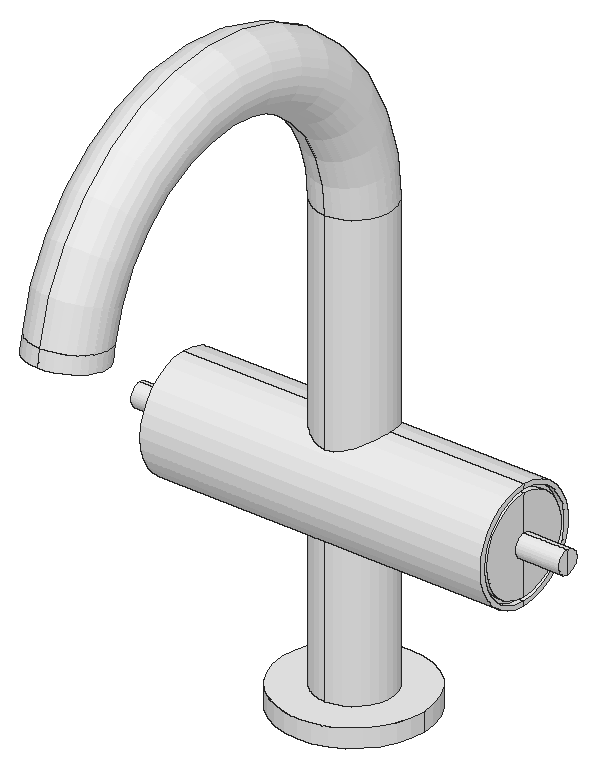
Revit family "Faucet-Two_Handle-Grohe-Spa-Atrio-21148_Series", category Plumbing Fixtures, Revit 2019
Family settings
  Round Connector Dimension = Use Diameter
  Part Type = Normal
  OmniClass Number = 23.45.55.14
  OmniClass Title = Single Faucets
  Work Plane-Based = Yes
  Always vertical = No
  Cut with Voids When Loaded = No
  Shared = Yes
  Room Calculation Point = No
Parameters (values of type "21148000")
  cUPC Compliant = yes
  Width = 5 7/8"  # constant formula
  WaterSense = yes
  Waste Connection = no
  WFU = 2  # constant formula
  Vent Connection = no
  URL = "http://www.grohe.com/"
  Tempered Water Connection Diameter = 3/8"  # constant formula
  Tempered Water Connection = yes
  Price = "Prices may vary. Please consult Manufacturer Representative for most up-to-date price list."  # constant formula
  NSF 61/Section 9 = yes
  NSF 372 = yes
  Model = "21148000"
  Material = "Metal-Grohe-000-StarLight Chrome"
  Manufacturer = "Grohe"
  Length = 4 15/16"  # constant formula
  Installation Type = "Deck-Mounted"
  Height = 9 3/16"  # constant formula
  HWFU = 1.5  # constant formula
  HW Connection = no
  GROHE StarLight = yes
  GROHE SilkMove = yes
  GROHE EcoJoy = yes
  Flow Rate = "1.2 gpm (4.5 l/min)"  # constant formula
  Fitting Spout Reach = 4 5/8"  # constant formula
  Finish = Metal-Grohe-000-StarLight Chrome
  Description = "Single-Hole Two-Handle M-Size Bathroom Faucet 1.2gpm"  # constant formula
  Default Elevation = 0"
  Creation Date = "06/05/2023"  # constant formula
  CalGreen Compliant = yes
  CWFU = 1.5  # constant formula
  CW Connection = no
  CEC Compliant = yes
  Assembly Code = "D2020300"
  ASME A112.18.1/CSA B125.1 = yes
  14216 = no
  14215 = no
Types (3): name | Model | Material | Finish
  (no name) | "21148000" | "Metal-Grohe-000-StarLight Chrome" | Metal-Grohe-000-StarLight Chrome
  21148000 | "21148000" | "Metal-Grohe-000-StarLight Chrome" | Metal-Grohe-000-StarLight Chrome
  21148EN0 | "21148EN0" | "Metal-Grohe-EN0-Brushed Nickel InfinityFinish" | Metal-Grohe-EN0-Brushed Nickel InfinityFinish
Reference planes (in)
  plane 1 "Center (Front/Back)": y = 0
  plane 2: z = 0
  plane 3 "Center (Left/Right)": x = 0
  plane 4: through (0, -6, 7.625) normal (0, -0.9848, 0.1736)
  plane 5: y = 0.5
  plane 6: x = -2.9375
  plane 7: x = 2.9375
  plane 8: z = 2.78205
  plane 9: z = 3.5305
  plane 10: z = 2.03359
  plane 11: x = -0.49058
  plane 12: x = 0.49058
  plane 13: z = 7.9375
  plane 14: z = 11.875
  plane 15: y = -7
  plane 16: y = 0.96875
  plane 17: y = -0.96875
  plane 18: y = -4.9375
  plane 19: z = 9.1875
  plane 20: z = 6.4375
Forms (in)
  Sweep 1, solid, material "Metal-Grohe-000-StarLight Chrome" <- "Finish"
    path origin (0, 0, 0) x (0, 1, 0) y (0, 0, 1)
      loop
        line (0.00781, 0.25) -> (0.00781, 6.22939)
        arc (0.00781, 6.22939) -> (-2.24849, 8.69172) -> (-4.8981, 6.65861) r 2.47173
        line (-4.8981, 6.65861) -> (-4.93709, 6.4375)
    profile origin (0, 0.00781, 3.2397) x (0, -1, 0) y (1, 0, 0)
      loop
        circle (0, 0) r 0.5
  Extrusion 2, solid, material "Metal-Grohe-000-StarLight Chrome" <- "Finish", not visible
    sketch origin (0, 0, 0) x (1, 0, 0) y (0, 1, 0)
      loop
        circle (0, 0) r 0.1875
    from 0 to 0.1353
  Revolve 3, solid, material "Metal-Grohe-000-StarLight Chrome" <- "Finish"
    sketch origin (0, 0, 0) x (1, 0, 0) y (0, 0, 1)
      loop
        line (2.33822, 3.5305) -> (-2.33822, 3.5305) -> (-2.33822, 3.4739) -> (-2.25188, 3.4739) -> (-2.25188, 3.4173) -> (-2.33822, 3.4173) -> (-2.33822, 2.93574) -> (-2.9375, 2.93574) -> (-2.9375, 2.78205) -> (2.9375, 2.78205) -> (2.9375, 2.93574) -> (2.33822, 2.93574) -> (2.33822, 3.4173) -> (2.25188, 3.4173) -> (2.25188, 3.4739) -> (2.33822, 3.4739) -> (2.33822, 3.5305)
      axis (-2.9375, 2.78205) -> (2.9375, 2.78205)
    angle from 0 to 360
  Extrusion 4, solid, material "Metal-Grohe-000-StarLight Chrome" <- "Finish"
    sketch origin (0, 0, 0) x (1, 0, 0) y (0, 1, 0)
      loop
        circle (0, 0) r 0.96875
    from 0 to 0.25
Cuts and joins
  joined: Sweep 1, Revolve 3, Extrusion 4
Lines and regions (in)
  Masking region 1
    outline origin (0, 0, 0) x (1, 0, 0) y (0, 1, 0)
      loop
        line (-0.49058, -0.83809) -> (-0.49058, -4.94531)
        arc (-0.49058, -4.94531) -> (0, -5.43589) -> (0.49058, -4.94531) r 0.49058
        line (0.49058, -4.94531) -> (0.49058, -0.83809)
        arc (0.49058, -0.83809) -> (0.55649, -0.79586) -> (0.61878, -0.74845) r 0.97112
        line (0.61878, -0.74845) -> (2.33822, -0.74845) -> (2.33822, -0.15369) -> (2.9375, -0.15369) -> (2.9375, 0.15369) -> (2.33822, 0.15369) -> (2.33822, 0.74845) -> (0.61878, 0.74845)
        arc (0.61878, 0.74845) -> (0, 0.97112) -> (-0.61878, 0.74845) r 0.97112
        line (-0.61878, 0.74845) -> (-2.33822, 0.74845) -> (-2.33822, 0.15369) -> (-2.9375, 0.15369) -> (-2.9375, -0.15369) -> (-2.33822, -0.15369) -> (-2.33822, -0.74845) -> (-0.61878, -0.74845)
        arc (-0.61878, -0.74845) -> (-0.55649, -0.79586) -> (-0.49058, -0.83809) r 0.97112
  symbolic lines, detail levels fine
    curve 1: line (-2.33822, 0.15369, 0) -> (-2.33822, -0.15369, 0)
    curve 2: line (2.33822, 0.15369, 0) -> (2.33822, -0.15369, 0)
    curve 6: line (-0.61878, 0.74845, 0) -> (0.61878, 0.74845, 0)
    curve 7: line (0.61878, -0.74845, 0) -> (0.49058, -0.74845, 0)
    curve 8: line (-0.61878, -0.74845, 0) -> (-0.49058, -0.74845, 0)
  symbolic lines, detail levels medium+fine
    curve 3: line (-0.49058, -0.83809, 0) -> (-0.49058, 0, 0)
    curve 4: line (0.49058, -0.83809, 0) -> (0.49058, 0, 0)
    curve 5: arc (0.49058, 0, 0) -> (0, 0.49058, 0) -> (-0.49058, 0, 0) r 0.49058
Dimensions and locks (in)
  equal spacing: plane 7, plane 3 "Center (Left/Right)", plane 6
  "Width": plane 7 to plane 6
  equal spacing: plane 16, plane 1 "Center (Front/Back)", plane 17
  locked: plane 16 to plane 17 at 1.9375
  plane 20 to level = 6 7/16"
  "Length": plane 1 "Center (Front/Back)" to plane 18
  "Height": plane 19 to level
  locked: Extrusion 2 sketch curve to Extrusion 2 sketch curve (diameter 3/8")
  aligned and locked: plane 3 "Center (Left/Right)" to Extrusion 2 sketch curve
Automatic sketch dimensions
  Sweep 1 sketch curve to plane 3 "Center (Left/Right)" = 0"
  Sweep 1 sketch curve to profile plane = 0"
  plane 1 "Center (Front/Back)" to Extrusion 2 sketch curve = 0"
  Revolve 3 sketch curve to plane 8 = 0"  (x2)
  Revolve 3 sketch curve to plane 6 = 0"
  Revolve 3 sketch curve to plane 9 = 0"
  plane 7 to Revolve 3 sketch curve = 0"
  plane 8 to Revolve 3 sketch curve = 0.15369"  (x2)
  plane 6 to Revolve 3 sketch curve = 0.59928"
  Revolve 3 sketch curve to Revolve 3 sketch curve = 0"  (x2)
  Revolve 3 sketch curve to Revolve 3 sketch curve = 0.08634"  (x2)
  plane 9 to Revolve 3 sketch curve = 0.0566"  (x2)
  plane 7 to Revolve 3 sketch curve = 0.68562"
  plane 9 to Revolve 3 sketch curve = 0.1132"
  Revolve 3 sketch curve to Revolve 3 sketch curve = 0.0566"
  Revolve 3 sketch curve to plane 6 = 0.44566"
  Revolve 3 sketch curve to Revolve 3 sketch curve = 1/2"
  plane 1 "Center (Front/Back)" to Extrusion 4 sketch curve = 0"
  Extrusion 4 sketch curve to plane 3 "Center (Left/Right)" = 0"
  Masking region 1 sketch curve to plane 6 = 0"
  Masking region 1 sketch curve to plane 3 "Center (Left/Right)" = 0"  (x2)
  plane 1 "Center (Front/Back)" to Masking region 1 sketch curve = 0"
  Masking region 1 sketch curve to plane 7 = 0"
  plane 1 "Center (Front/Back)" to Masking region 1 sketch curve = 0.15369"  (x2)
  Masking region 1 sketch curve to Masking region 1 sketch curve = 0.59928"
  Masking region 1 sketch curve to plane 16 = 0.2203"  (x2)
  plane 6 to Masking region 1 sketch curve = 0.59928"
  plane 7 to Masking region 1 sketch curve = 0.59928"  (x2)
  Masking region 1 sketch curve to plane 15 = 2 7/128"
  Masking region 1 sketch curve to plane 1 "Center (Front/Back)" = 0.15369"  (x2)
  Masking region 1 sketch curve to Masking region 1 sketch curve = 0"  (x4)
  Masking region 1 sketch curve to plane 17 = 0.13066"  (x2)
  Masking region 1 sketch curve to plane 12 = 0.1282"  (x2)
  Masking region 1 sketch curve to Masking region 1 sketch curve = 0.1282"
  Masking region 1 sketch curve to plane 11 = 0"
  curve 3 to plane 11 = 0"
  plane 1 "Center (Front/Back)" to curve 5 = 0"
  curve 5 to plane 3 "Center (Left/Right)" = 0"
  curve 8 to plane 11 = 0.1282"
  curve 6 to plane 11 = 0.1282"
  curve 1 to plane 1 "Center (Front/Back)" = 0.15369"
  plane 6 to curve 1 = 0.59928"
  curve 7 to curve 7 = 0.1282"
  curve 6 to plane 12 = 0.1282"
  curve 2 to plane 1 "Center (Front/Back)" = 0.15369"
  plane 7 to curve 2 = 0.59928"
  plane 1 "Center (Front/Back)" to curve 2 = 0.15369"
  plane 1 "Center (Front/Back)" to curve 1 = 0.15369"
  curve 7 to plane 17 = 0.2203"
  curve 8 to plane 17 = 0.2203"
  curve 4 to curve 7 = 0.08964"
  curve 3 to curve 8 = 0.08964"
  curve 6 to plane 16 = 0.2203"
  Sweep 1 sketch curve to plane 20 = 0"
  Sweep 1 sketch curve to plane 18 = 0.0394"
  Sweep 1 sketch curve to plane 20 = 0.20811"
  plane 17 to Sweep 1 sketch curve = 1.49517"
  Sweep 1 sketch curve to plane 1 "Center (Front/Back)" = 1/128"
  Sweep 1 sketch curve to plane 18 = 0.00041"
  level to Sweep 1 sketch curve = 1/4"
  radius of Sweep 1 sketch curve = 1/2"
  radius of Extrusion 4 sketch curve = 31/32"
Connectors (in)
  piping at (0, 0, 0), diameter 0.375, driven by "HWFU", driven by "Tempered Water Connection Diameter"
    settings: on Extrusion 2, index 1, connector inside diameter 24", connector length 0", flow factor 0, pipe flow 0 GPM, pressure drop 0.00 psi, fitting loss kfactor 0, connector angle 0.00°, fixture units 1.5, engagement length 0", angle of deflection 0.00°, flow configuration 0, flow direction 1, fitting loss method 0, system type 29, joint type 0, gender type 0, connector reference index -1, connector utility 0, adjustable connector no, is connector primary yes, connector description "3/8\" NPT Tempered Connection Inlet"
